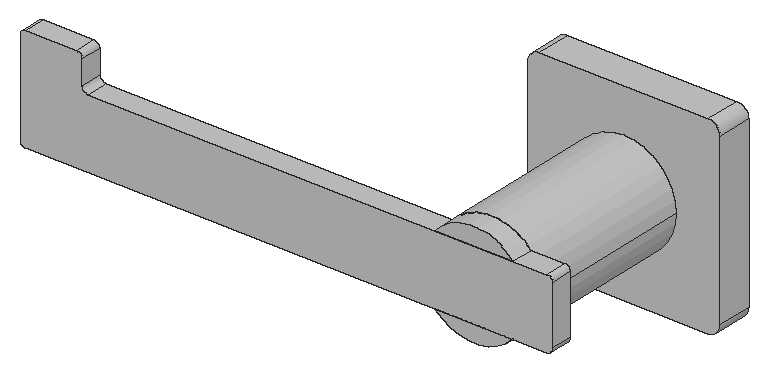
Revit family "SA-2505", category Plumbing Fixtures, host Wall, Revit 2023
Family settings
  Host = Wall
  Round Connector Dimension = Use Diameter
  Part Type = Normal
  OmniClass Number = 23.45.00.00
  OmniClass Title = Sanitary, Laundry, and Cleaning Equipment
  Enable Cutting in Views = No
  Always vertical = Yes
  Cut with Voids When Loaded = No
  Maintain Annotation Orientation = No
  Shared = No
  Room Calculation Point = No
Parameters
  Default Elevation = 0"
Reference planes (in)
  plane 1: y = 0
  plane 2 "Center (Left/Right)": x = -0.47711
  plane 3 "Back": y = 3
  plane 4: x = 0.63547
  plane 5: x = 2.13547
Forms (in)
  Extrusion 1, solid, material "stainless steel"
    sketch origin (-2.48953, -6.1875, 0) x (-1, 0, 0) y (0, 0, -1)
      loop
        line (-5.08544, -2.75) -> (-2.66456, -2.75)
        arc (-2.66456, -2.75) -> (-2.5482, -2.7018) -> (-2.5, -2.58544) r 0.16456
        line (-2.5, -2.58544) -> (-2.5, -0.16456)
        arc (-2.5, -0.16456) -> (-2.5482, -0.0482) -> (-2.66456, 0) r 0.16456
        line (-2.66456, 0) -> (-5.08544, 0)
        arc (-5.08544, 0) -> (-5.2018, -0.0482) -> (-5.25, -0.16456) r 0.16456
        line (-5.25, -0.16456) -> (-5.25, -2.58544)
        arc (-5.25, -2.58544) -> (-5.2018, -2.7018) -> (-5.08544, -2.75) r 0.16456
    from -3.1875 to -2.67566
  Extrusion 2, solid, material "stainless steel"
    sketch origin (-2.48953, -6.1875, 0) x (-1, 0, 0) y (0, 0, -1)
      loop
        circle (-3.875, -1.375) r 0.75
    from -2.67566 to -0.3125
  Extrusion 3, solid, material "stainless steel"
    sketch origin (-2.48953, -6.1875, 0) x (-1, 0, 0) y (0, 0, -1)
      loop
        line (-4.92044, -1.875) -> (1.65193, -1.875)
        arc (1.65193, -1.875) -> (1.71284, -1.90023) -> (1.73806, -1.96113) r 0.08613
        line (1.73806, -1.96113) -> (1.73806, -2.29544)
        arc (1.73806, -2.29544) -> (1.76137, -2.3517) -> (1.81762, -2.375) r 0.07956
        line (1.81762, -2.375) -> (2.54544, -2.375)
        arc (2.54544, -2.375) -> (2.6017, -2.3517) -> (2.625, -2.29544) r 0.07956
        line (2.625, -2.29544) -> (2.625, -0.95456)
        arc (2.625, -0.95456) -> (2.6017, -0.8983) -> (2.54544, -0.875) r 0.07956
        line (2.54544, -0.875) -> (-4.92044, -0.875)
        arc (-4.92044, -0.875) -> (-4.9767, -0.8983) -> (-5, -0.95456) r 0.07956
        line (-5, -0.95456) -> (-5, -1.79544)
        arc (-5, -1.79544) -> (-4.9767, -1.8517) -> (-4.92044, -1.875) r 0.07956
    from -0.3125 to 0
  Extrusion 4, solid, material "stainless steel"
    sketch origin (-2.48953, -6.1875, 0) x (-1, 0, 0) y (0, 0, -1)
      loop
        line (-3.31598, -1.875) -> (-4.43402, -1.875)
        arc (-4.43402, -1.875) -> (-3.875, -2.125) -> (-3.31598, -1.875) r 0.75
    from -0.3125 to 0
  Extrusion 5, solid, material "stainless steel"
    sketch origin (-2.48953, -6.1875, 0) x (-1, 0, 0) y (0, 0, -1)
      loop
        line (-4.43402, -0.875) -> (-3.31598, -0.875)
        arc (-3.31598, -0.875) -> (-3.875, -0.625) -> (-4.43402, -0.875) r 0.75
    from -0.3125 to 0
Text (in)
  text "Placement Side" at (0, 40.15149, 123.01588), in view "Right"
  text "Placement Side" at (-70.3804, 45.82615, 0), in view "Ref. Level"
  text "Placement Side" at (0, 47.49176, 113.10569), in view "Left"
Dimensions and locks (in)
  locked: plane 3 "Back" to host wall
  Extrusion 1 to Extrusion 1 = 2 3/4"  (x2)
  Extrusion 3 to Extrusion 3 = 1 1/2"
  Extrusion 3 to Extrusion 3 = 7 5/8"
  Extrusion 1 to Extrusion 3 = 7 7/8"
  Extrusion 4 to Extrusion 1 = 3 3/16"
  Extrusion 3 to Extrusion 3 = 5/16"
  plane 4 to plane 5 = 1 1/2"
